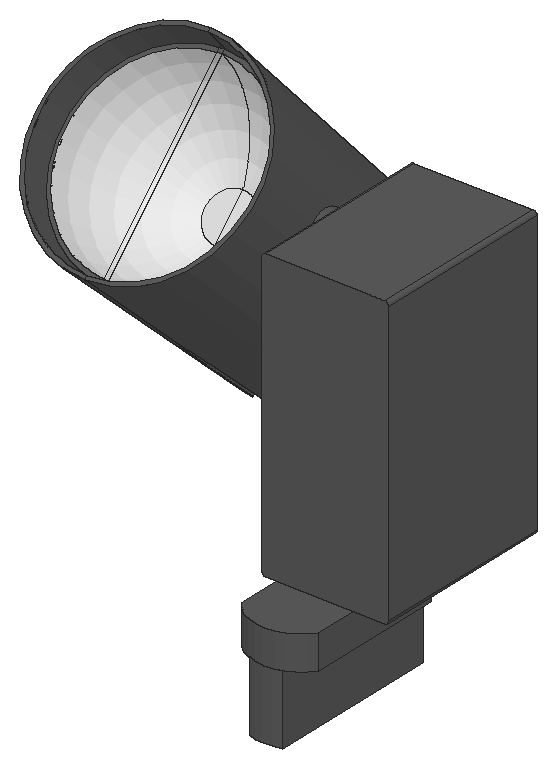
Revit family "0004948 Feilo Sylvania Lighting Fixture START TRACK SPOT S DALI 1352LM 940 WB BLK", category Lighting Fixtures, host Face, Revit 2017 (continued)
Definition of nested family "Start Track Spot Head"
  Types (96, lengths in mm): name | Wattage | built-in parameter 1150134 | Photometric Web File | Model | built-in parameter 1150105 | Lumens | built-in parameter 1150107 | built-in parameter 1150106 | HeadThickness_FEILO | HeadRibOffset_FEILO | HeadRibDepth_FEILO | HeadRibCutWidth_FEILO | HeadRibCutOffset_FEILO | HeadReflectorRadius_FEILO | HeadReflectorOffset_FEILO | HeadLEDRadius_FEILO | HeadHeight_FEILO | HeadDiffusorOffset_FEILO | HeadDiaOut_FEILO | HeadDiaIn_FEILO | HeadAxisFromTop_FEILO | Emit from Circle Diameter | built-in parameter 1150104 | Description | Apparent Load
    0004812 START TRACK SPOT S 14W 3K RA80 MB WHITE | 14 W | (empty or 0) | "0004812.ies" | "START TRACK SPOT S 14W 3K RA80 MB WHITE" | 120.32 (stored number, unit not read) | 1512 lm | 3000 (stored number, unit not read) | 1.2032 (stored number, unit not read) | 1.5 | 4.179 | 55.714 | 7.167 | 50.87 | 50.588 | 55.714 | 9.556 | 117 | 9.435 | 86 | 77.477 | 69.354 | 77.477 | 10.034 (stored number, unit not read) | "Integrated LED spotlight, Textured White - RAL9016, compact and minimalist design, ideal for retail applications, die-cast aluminium body, passive cooling heatsink. Beam angle: 36°, color temperature: 3000K , total system power: 14W, total fixture output: 1508 lm, LOR: 100%, colour rendering: Ra: 80 typical, LED Chromaticity: 3 step MacAdam ellipse, lifetime: >50000 hours at L70B50, energy class: A++, A+, A, IR/UV free light source without heat radiation, operating voltage: 220-240V / 50-60Hz, drive current: 350mA, electronic driver, non-dimmable, power factor: 0.92, electrical protection: Class II, Global Track 3 Phase adapter suitable for Global trac 3-circuit tracks, ingress protection rating: IP20, suitable for internal environment only, horizontal rotation: 355°, vertical tilt: 90°, dimensions: Ø86x140x200, weight: 0.940kg." | 14 VA
    0004811 START TRACK SPOT S 14W 3K RA80 NB WHITE | 14 W | (empty or 0) | "0004811.ies" | "START TRACK SPOT S 14W 3K RA80 NB WHITE" | 123.66 (stored number, unit not read) | 1554 lm | 3000 (stored number, unit not read) | 1.2366 (stored number, unit not read) | 1.5 | 4.179 | 55.714 | 7.167 | 50.87 | 50.588 | 55.714 | 9.556 | 117 | 9.435 | 86 | 77.477 | 69.354 | 77.477 | 10.312 (stored number, unit not read) | "Integrated LED spotlight, Textured White - RAL9016, compact and minimalist design, ideal for retail applications, die-cast aluminium body, passive cooling heatsink. Beam angle: 12°, color temperature: 3000K , total system power: 14W, total fixture output: 1551 lm, LOR: 100%, colour rendering: Ra: 80 typical, LED Chromaticity: 3 step MacAdam ellipse, lifetime: >50000 hours at L70B50, energy class: A++, A+, A, IR/UV free light source without heat radiation, operating voltage: 220-240V / 50-60Hz, drive current: 350mA, electronic driver, non-dimmable, power factor: 0.92, electrical protection: Class II, Global Track 3 Phase adapter suitable for Global trac 3-circuit tracks, ingress protection rating: IP20, suitable for internal environment only, horizontal rotation: 355°, vertical tilt: 90°, dimensions: Ø86x140x200, weight: 0.940kg." | 14 VA
  Reference planes
    plane 1 "Center (Front/Back)": y = 0
    plane 2: z = 0
    plane 3 "Center (Left/Right)": x = 0
    plane 4: x = 43
    plane 5: x = -43
    plane 6: x = -38.739
    plane 7: x = 38.739
    plane 8: z = 69.354
    plane 9: z = -47.646
    plane 10: x = -41.5
    plane 11: x = -37.239
    plane 12: z = -38.211
    plane 13: z = -35.211
    plane 14: z = 8.068
    plane 15: x = -9.556
    plane 16: x = -28.667
    plane 17: x = -19.111
    plane 18: x = -27.167
    plane 19: x = -17.611
    plane 20: x = -8.056
    plane 21: z = 13.64
    plane 22: x = -29.667
    plane 23: x = -26.167
    plane 24: x = -20.111
    plane 25: x = -16.611
    plane 26: x = -10.556
    plane 27: x = -7.056
    plane 28: x = -36.239
    plane 29: x = -40.5
    plane 30: z = 65.175
    plane 31: z = 60.997
    plane 32: z = 56.818
    plane 33: z = 18.484
    plane 34: y = -43
    plane 35: y = 43
    plane 36: y = 3.583
    plane 37: y = -3.583
    plane 38: y = -2.583
    plane 39: y = 2.583
    plane 40: y = 46
    plane 41: z = 13.5
    plane 42: z = -13.5
    plane 43: y = 39
    plane 44: x = 4.708
    plane 45: x = -2.458
    plane 46: x = -1.458
    plane 47: x = 1.458
  Forms (mm)
    Extrusion 1, solid
      sketch origin (4.2, 0, 0) x (1, 0, 0) y (0, 1, 0)
        loop
          line (-1219.2, 1219.2) -> (-1219.2, -1219.2) -> (1219.2, -1219.2) -> (1219.2, 1219.2) -> (-1219.2, 1219.2)
      from 0 to -68.017
    Revolve 2, solid, material <- "Material_1_FEILO", detail levels medium+fine
      sketch origin (0, 0, 0) x (1, 0, 0) y (0, 0, 1)
        loop
          line (-43, -47.646) -> (-41.5, -47.646) -> (-40.5, -35.211) -> (-38.739, -35.211)
          arc (-38.739, -35.211) -> (-30.16, -9.517) -> (-9.556, 8.068) r 50.588
          line (-9.556, 8.068) -> (0, 8.068) -> (0, 13.64) -> (-16.611, 13.64) -> (-17.611, 60.997) -> (-19.111, 60.997) -> (-20.111, 13.64) -> (-36.239, 13.64) -> (-37.239, 69.354) -> (-38.739, 69.354) -> (-43, -47.646)
        axis (0, 69.354) -> (0, -47.646)
      angle from 360 to 0
    Extrusion 3, void
      sketch origin (0, 0, 0) x (0, 1, 0) y (0, 0, 1)
        loop
          line (-3.583, 69.354) -> (-2.583, 18.484) -> (1.932, 18.484) -> (2.932, 69.354) -> (-3.583, 69.354)
      from 43 to -43
    Revolve 4, solid, material <- "Material_2_FEILO", detail levels medium+fine
      sketch origin (0, 0, 0) x (1, 0, 0) y (0, 0, 1)
        loop
          line (-41.5, -38.211) -> (0, -38.211) -> (0, -35.211) -> (-41.5, -35.211) -> (-41.5, -38.211)
        axis (0, -35.211) -> (0, -38.211)
      angle from 360 to 0
    Revolve 5, solid, material <- "Material_1_FEILO"
      sketch origin (0, 0, 0) x (0, 1, 0) y (0, 0, 1)
        loop
          line (46, 0) -> (39, 0) -> (39, -13.5) -> (46, -13.5) -> (46, 0)
        axis (39, 0) -> (46, 0)
      angle from 360 to 0
    Revolve 6, solid, material <- "Material_1_FEILO", detail levels medium+fine
      sketch origin (0, 0, 0) x (1, 0, 0) y (0, 0, 1)
        loop
          line (-29.667, 13.64) -> (-26.167, 13.64) -> (-27.167, 65.175) -> (-28.667, 65.175) -> (-29.667, 13.64)
        loop
          line (-10.556, 13.64) -> (-7.056, 13.64) -> (-7.833, 56.818) -> (-9.778, 56.818) -> (-10.556, 13.64)
        axis (0, 65.175) -> (0, 13.64)
      angle from 360 to 0
    Extrusion 7, void
      sketch origin (0, 0, 0) x (1, 0, 0) y (0, 0, 1)
        loop
          line (4.708, 69.354) -> (-2.458, 69.354) -> (-1.458, 13.64) -> (1.458, 13.64) -> (4.708, 69.354)
      from -43 to 43
    Revolve 8, solid, material <- "Material_1_FEILO", detail levels coarse
      sketch origin (0, 0, 0) x (1, 0, 0) y (0, 0, 1)
        loop
          line (0, 69.354) -> (-38.739, 69.354) -> (-43, -47.646) -> (-41.5, -47.646) -> (-40.731, -38.211) -> (0, -38.211) -> (0, 69.354)
        axis (0, 69.354) -> (0, -47.646)
      angle from 360 to 0
  Cuts and joins
    Extrusion 3 cuts Revolve 2
    Extrusion 7 cuts Revolve 6
  Dimensions and locks
    equal spacing: plane 7, plane 3 "Center (Left/Right)", plane 6
    equal spacing: plane 4, plane 3 "Center (Left/Right)", plane 5
    "HeadDiaOut_FEILO": plane 4 to plane 5
    "HeadDiaIn_FEILO": plane 7 to plane 6
    "HeadHeight_FEILO": plane 8 to plane 9
    "HeadThickness_FEILO": plane 10 to plane 5
    "HeadThickness_FEILO": plane 11 to plane 6
    "HeadDiffusorOffset_FEILO": plane 12 to plane 9
    "HeadDiffusorThickness_FEILO": plane 13 to plane 12
    "HeadReflectorOffset_FEILO": plane 14 to plane 9
    "HeadLEDRadius_FEILO": plane 3 "Center (Left/Right)" to plane 15
    "HeadLEDRadius_FEILO": plane 15 to plane 17
    "HeadLEDRadius_FEILO": plane 17 to plane 16
    "HeadThickness_FEILO": plane 18 to plane 16
    "HeadThickness_FEILO": plane 19 to plane 17
    "HeadThickness_FEILO": plane 20 to plane 15
    "HeadRibDepth_FEILO": plane 8 to plane 21
    "HeadDraft_FEILO": plane 16 to plane 22
    "HeadDraft_FEILO": plane 23 to plane 18
    "HeadDraft_FEILO": plane 17 to plane 24
    "HeadDraft_FEILO": plane 25 to plane 19
    "HeadDraft_FEILO": plane 15 to plane 26
    "HeadDraft_FEILO": plane 27 to plane 20
    "HeadDraft_FEILO": plane 29 to plane 10
    "HeadDraft_FEILO": plane 28 to plane 11
    "HeadRibOffset_FEILO": plane 8 to plane 30
    "HeadRibOffset_FEILO": plane 30 to plane 31
    "HeadRibOffset_FEILO": plane 31 to plane 32
    "HeadAxisFromTop_FEILO": plane 8 to plane 2
    "HeadRibCutOffset_FEILO": plane 8 to plane 33
    equal spacing: plane 34, plane 1 "Center (Front/Back)", plane 35
    "HeadDiaOut_FEILO": plane 34 to plane 35
    equal spacing: plane 38, plane 1 "Center (Front/Back)", plane 39
    equal spacing: plane 37, plane 1 "Center (Front/Back)", plane 36
    "HeadRibCutWidth_FEILO": plane 37 to plane 36
    "HeadDraft_FEILO": plane 37 to plane 38
    locked: plane 35 to plane 40 at 3
    equal spacing: plane 41, plane 2, plane 42
    locked: plane 42 to plane 41 at 27
    locked: plane 43 to plane 35 at 4
    equal spacing: plane 45, imposter light, plane 44
    "HeadDraft_FEILO": plane 46 to plane 45
    "HeadRibCutWidth_FEILO": plane 44 to plane 45
    equal spacing: plane 47, plane 3 "Center (Left/Right)", plane 46
    "HeadReflectorRadius_FEILO": radius of Revolve 2 sketch curve
    aligned and locked: plane 2 to Extrusion 1
    aligned and locked: level to Extrusion 1
    aligned and locked: Revolve 2 sketch curve to plane 3 "Center (Left/Right)"  (x2)
    aligned and locked: plane 9 to Revolve 2 sketch curve  (x2)
    aligned and locked: plane 5 to Revolve 2 sketch curve
    aligned and locked: plane 10 to Revolve 2 sketch curve
    aligned and locked: plane 14 to Revolve 2 sketch curve
    aligned and locked: plane 8 to Revolve 2 sketch curve
    aligned and locked: Revolve 2 sketch curve to plane 13
    aligned and locked: plane 12 to Revolve 4 sketch curve
    aligned and locked: plane 3 "Center (Left/Right)" to Revolve 4 sketch curve
    aligned and locked: Revolve 4 sketch curve to plane 10
    aligned and locked: Revolve 4 sketch curve to plane 3 "Center (Left/Right)"
    aligned and locked: plane 12 to imposter light
    aligned and locked: imposter light to plane 1 "Center (Front/Back)"
    aligned and locked: Revolve 5 sketch curve to plane 2
    aligned and locked: plane 43 to Revolve 5 sketch curve
    aligned and locked: plane 42 to Revolve 5 sketch curve
    aligned and locked: Revolve 6 sketch curve to plane 3 "Center (Left/Right)"
    aligned and locked: plane 22 to Revolve 6 sketch curve
    aligned and locked: plane 30 to Revolve 6 sketch curve
    aligned and locked: plane 23 to Revolve 6 sketch curve
    aligned and locked: Revolve 6 sketch curve to plane 21  (x2)
    aligned and locked: plane 21 to Revolve 6 sketch curve
    aligned and locked: plane 17 to Revolve 2 sketch curve
    aligned and locked: plane 19 to Revolve 2 sketch curve
    aligned and locked: plane 31 to Revolve 2 sketch curve
    aligned and locked: plane 21 to Revolve 2 sketch curve
    aligned and locked: Extrusion 3 to plane 8
    aligned and locked: plane 33 to Extrusion 3
    aligned and locked: plane 8 to Extrusion 3 sketch curve
    aligned and locked: Extrusion 3 sketch curve to plane 33
    aligned and locked: Extrusion 3 to plane 5
    aligned and locked: plane 4 to Extrusion 3
    aligned and locked: plane 32 to Revolve 6 sketch curve
    aligned and locked: plane 44 to Extrusion 7 sketch curve
    aligned and locked: Extrusion 7 sketch curve to plane 8
    aligned and locked: plane 46 to Extrusion 7 sketch curve
    aligned and locked: plane 21 to Extrusion 7 sketch curve
    aligned and locked: plane 34 to Extrusion 7
    aligned and locked: Extrusion 7 to plane 35
    aligned and locked: Revolve 4 sketch curve to plane 13
    aligned and locked: Revolve 5 sketch curve to plane 40
    aligned and locked: Revolve 8 sketch curve to plane 3 "Center (Left/Right)"
    aligned and locked: Revolve 8 sketch curve to cut or joined group of Revolve 2, Extrusion 3  (x3)
    aligned and locked: plane 5 to Revolve 8 sketch curve
    aligned and locked: plane 3 "Center (Left/Right)" to Revolve 8 sketch curve
    aligned and locked: plane 12 to Revolve 8 sketch curve
  Automatic sketch dimensions
    Extrusion 1 sketch curve to Extrusion 1 sketch curve = 2438.4 mm  (x2)
    Extrusion 3 sketch curve to plane 37 = 0 mm
    Extrusion 3 sketch curve to plane 38 = 0 mm
    plane 39 to Extrusion 3 sketch curve = 0.651 mm
    Extrusion 3 sketch curve to plane 39 = 0.349 mm
    Revolve 6 sketch curve to plane 16 = 0 mm
    Revolve 6 sketch curve to plane 18 = 0 mm
    Revolve 6 sketch curve to plane 26 = 0 mm
    Revolve 6 sketch curve to plane 27 = 0 mm
    Revolve 6 sketch curve to plane 15 = 0.222 mm
    plane 9 to Revolve 6 sketch curve = 559.103 mm
    Revolve 6 sketch curve to plane 8 = 2535.555 mm
    plane 20 to Revolve 6 sketch curve = 0.222 mm
    Revolve 2 sketch curve to plane 29 = 0 mm
    Revolve 2 sketch curve to plane 6 = 0 mm  (x2)
    Revolve 2 sketch curve to plane 11 = 0 mm
    Revolve 2 sketch curve to plane 21 = 0 mm
    Revolve 2 sketch curve to plane 28 = 0 mm
    Revolve 2 sketch curve to plane 24 = 0 mm
    Revolve 2 sketch curve to plane 25 = 0 mm
    Revolve 2 sketch curve to plane 15 = 0 mm
    Revolve 2 sketch curve to Revolve 2 sketch curve = 557.155 mm
    Revolve 2 sketch curve to plane 8 = 2535.558 mm
    Extrusion 7 sketch curve to plane 45 = 0 mm
    Extrusion 7 sketch curve to plane 47 = 0 mm
    plane 9 to Revolve 4 sketch curve = 559.103 mm
    Revolve 4 sketch curve to plane 8 = 2535.555 mm
    Revolve 5 sketch curve to level = 0 mm
    plane 34 to Revolve 5 sketch curve = 1968.092 mm
    Revolve 5 sketch curve to plane 40 = 1405.763 mm
    Revolve 8 sketch curve to plane 6 = 0 mm
    Revolve 8 sketch curve to plane 29 = 0.231 mm
    plane 9 to Revolve 8 sketch curve = 559.103 mm
    Revolve 8 sketch curve to Revolve 8 sketch curve = 2535.555 mm
Definition of nested family "Start Track Spot Box"
  Parameters (values of type "Type Large White")
    URL = "http://www.feilosylvania.com"
    Type Image = (empty or 0)
    Type Comments = "n/a"
    Small_FEILO = no
    Material_3_FEILO = none
    Model = ""
    Manufacturer = "Feilo Sylvania"
    Keynote = ""
    Material_2_FEILO = none
    Description = ""
    Default Elevation = 1219.2 mm
    Cost = 0
    Material_1_FEILO = none
    BoxWidth_FEILO = 49 mm
    BoxStartAngle_FEILO [instance] = 0.00°
    BoxRadius_FEILO = 1.5 mm
    BoxHeight_FEILO = if(Small_FEILO, 112 mm, 136 mm)  # 136 mm
    BoxEndAngle_FEILO [instance] = BoxStartAngle_FEILO - 180.00°  # -180.00°
    BoxDepth_FEILO = if(Small_FEILO, 71.5 mm, 79 mm)  # 79 mm
    BoxAxisVerticalOffset_FEILO = 16 mm
    BoxAxisOffset_FEILO = BoxHeight_FEILO / 6.8  # 20 mm
    Assembly Code = ""
    Material_4_FEILO = none
  Types (4, lengths in mm): name | Small_FEILO | BoxHeight_FEILO | BoxDepth_FEILO | BoxAxisOffset_FEILO
    Type Large White | no | 136 | 79 | 20
    Type Small White | yes | 112 | 71.5 | 16.471
    Type Small Black | yes | 112 | 71.5 | 16.471
    Type Large Black | no | 136 | 79 | 20
  Reference planes
    plane 1 "Center (Front/Back)": y = 0
    plane 2: z = 0
    plane 3 "Center (Left/Right)": x = 0
    plane 4: x = 24.5
    plane 5: x = -24.5
    plane 6: y = 68
    plane 7: y = -68
    plane 8: z = 39.5
    plane 9: z = -39.5
    plane 10: y = -48
    plane 11: x = 30.5
    plane 12: x = 8.5
    plane 13: x = 21.5
    plane 14: y = 70
    plane 15: y = 72
    plane 16: x = 19.5
  Forms (mm)
    Extrusion 1, solid
      sketch origin (4.2, 0, 0) x (1, 0, 0) y (0, 1, 0)
        loop
          line (-1219.2, 1219.2) -> (-1219.2, -1219.2) -> (1219.2, -1219.2) -> (1219.2, 1219.2) -> (-1219.2, 1219.2)
      from 0 to -68.017
    Extrusion 2, solid, material <- "Material_1_FEILO"
      sketch origin (0, 0, 0) x (1, 0, 0) y (0, 1, 0)
        loop
          arc (-23, 68) -> (-24.061, 67.561) -> (-24.5, 66.5) r 1.5
          line (-24.5, 66.5) -> (-24.5, -66.5)
          arc (-24.5, -66.5) -> (-24.061, -67.561) -> (-23, -68) r 1.5
          line (-23, -68) -> (23, -68)
          arc (23, -68) -> (24.061, -67.561) -> (24.5, -66.5) r 1.5
          line (24.5, -66.5) -> (24.5, 66.5)
          arc (24.5, 66.5) -> (24.061, 67.561) -> (23, 68) r 1.5
          line (23, 68) -> (-23, 68)
      from -39.5 to 39.5
    Revolve 3, solid, not visible
      sketch origin (0, 0, 0) x (1, 0, 0) y (0, 1, 0)
        loop
          line (30.5, -48) -> (24.5, -48) -> (24.5, -68) -> (30.5, -68) -> (30.5, -48)
        axis (30.5, -48) -> (24.5, -48)
      angle from 0 <- "BoxStartAngle_FEILO" to -180 <- "BoxEndAngle_FEILO"
    Revolve 4, solid, material <- "Material_2_FEILO"
      sketch origin (0, 0, 0) x (1, 0, 0) y (0, 1, 0)
        loop
          line (8.5, 68) -> (19.5, 68) -> (19.5, 70) -> (21.5, 70) -> (21.5, 72) -> (8.5, 72) -> (8.5, 68)
        axis (8.5, 72) -> (8.5, 68)
      angle from 360 to 0
  Dimensions and locks
    equal spacing: plane 5, plane 3 "Center (Left/Right)", plane 4
    "BoxWidth_FEILO": plane 5 to plane 4
    equal spacing: plane 7, plane 1 "Center (Front/Back)", plane 6
    "BoxHeight_FEILO": plane 7 to plane 6
    equal spacing: plane 8, plane 2, plane 9
    "BoxDepth_FEILO": plane 8 to plane 9
    "BoxAxisOffset_FEILO": plane 7 to plane 10
    locked: plane 4 to plane 11 at 6
    "BoxAxisVerticalOffset_FEILO": plane 12 to plane 4
    locked: plane 12 to plane 13 at 13
    plane 6 to plane 14 to plane 15 = 2 mm locked, 2 mm locked
    locked: plane 12 to plane 16 at 11
    "BoxRadius_FEILO": radius of Extrusion 2 sketch curve  (x4)
    aligned and locked: plane 2 to Extrusion 1
    aligned and locked: level to Extrusion 1
    aligned and locked: plane 6 to Extrusion 2 sketch curve
    aligned and locked: plane 5 to Extrusion 2 sketch curve
    aligned and locked: Extrusion 2 sketch curve to plane 7
    aligned and locked: Extrusion 2 sketch curve to plane 4
    aligned and locked: Extrusion 2 to plane 8
    aligned and locked: plane 9 to Extrusion 2
    aligned and locked: Revolve 3 sketch curve to plane 10  (x2)
    aligned and locked: plane 11 to Revolve 3 sketch curve
    aligned and locked: Revolve 3 sketch curve to plane 4
    aligned and locked: plane 7 to Revolve 3 sketch curve
    aligned and locked: Revolve 4 sketch curve to plane 12
    aligned and locked: plane 6 to Revolve 4 sketch curve
    aligned and locked: plane 12 to Revolve 4 sketch curve
    aligned and locked: plane 15 to Revolve 4 sketch curve
    aligned and locked: Revolve 4 sketch curve to plane 13
    aligned and locked: Revolve 4 sketch curve to plane 14
    aligned and locked: Revolve 4 sketch curve to plane 16
    aligned and locked: Revolve 4 sketch curve to plane 6
  Automatic sketch dimensions
    Extrusion 1 sketch curve to Extrusion 1 sketch curve = 2438.4 mm  (x2)
    Revolve 3 sketch curve to plane 5 = 1499.5 mm
    plane 11 to Revolve 3 sketch curve = 1493.5 mm
    plane 15 to Revolve 4 sketch curve = 0 mm
    plane 7 to Revolve 4 sketch curve = 1456 mm
    Revolve 4 sketch curve to plane 15 = 1452 mm
